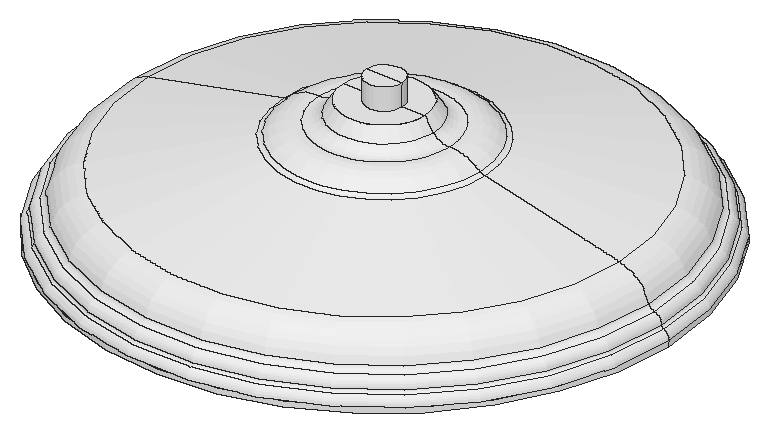
Revit family "Showerhead-DXV-Traditional-D35700108_Series", category Plumbing Fixtures, Revit 2014
Parameters (values of type "D35700108.100")
  Width = 8"  # constant formula
  Waste Connection = no
  Warranty Documentation Link = "https://www.dxv.com/-/media/files/dxv/warranty/dxv_warranty_booklet.ashx"
  WFU = 4  # constant formula
  Vent Connection = no
  URL = "www.dxv.com"
  Tempered Water Connection Radius = Tempered Water Connection Diameter / 2  # 1/4"
  Tempered Water Connection Diameter = 1/2"  # constant formula
  Tempered Water Connection = yes
  Revised Date = "03/10/2017"  # constant formula
  Product Page URL = "https://www.dxv.com/product/traditional-8-inch-rain-can-showerhead-by-dxv"
  Product Documentation Link = "https://dxv01.blob.core.windows.net/dxv-product-pdf-files/spec_D35700108_DXV_Traditional_8in_shwhead_EN.pdf"
  Price = "Prices may vary. Please consult Manufacturer Representative for most up-to-date price list."  # constant formula
  Model = "D35700108.100"
  Material = "Brass-DXV-100-Polished Chrome"
  Manufacturer = "DXV"  # constant formula
  Length = 10"  # constant formula
  Installation Type = "Ceiling Mounted"  # constant formula
  Height = 2"
  HWFU = 3  # constant formula
  HW Connection = yes
  Flow Rate = "2.0 GPM (7.6 L/min)"  # constant formula
  Finish = Brass-DXV-100-Polished Chrome
  Description = "Traditional 10” Rain Showerhead"  # constant formula
  Default Elevation = 0"
  Creation Date = "17/2/2014"  # constant formula
  CalGreen Compliant = yes
  CWFU = 3  # constant formula
  CW Connection = yes
  Assembly Code = "D2010710"
Types (6): name | Model | Material | Height | Finish
  (no name) | "D35700108.100" | "Brass-DXV-100-Polished Chrome" | 2" | Brass-DXV-100-Polished Chrome
  D35700108.100 | "D35700108.100" | "Brass-DXV-100-Polished Chrome" | 2" | Brass-DXV-100-Polished Chrome
  D35700108.144 | "D35700108.144" | "Brass-DXV-144-Brushed Nickel" | 2 3/4" | Brass-DXV-144-Brushed Nickel
  D35700108.150 | "D35700108.150" | "Brass-DXV-150-Platinum Nickel" | 2 3/4" | Brass-DXV-150-Platinum Nickel
  D35700108.427 | "D35700108.427" | "Brass-DXV-427-Satin Brass" | 2 3/4" | Brass-DXV-427-Satin Brass
  D35700108.110 | "D35700108.110" | "Brass-DXV-110-Carbon Bronze" | 2 3/4" | Brass-DXV-110-Carbon Bronze
Reference planes (in)
  plane 1 "Center (Front/Back)": y = 0
  plane 2: z = 0
  plane 3 "Center (Left/Right)": x = 0
  plane 4: x = 0.25
  plane 5: x = -0.25
  plane 6: y = -5
  plane 7: y = 5
  plane 8: x = -4
  plane 9: x = 4
  plane 10: z = -2
Forms (in)
  Revolve 1, solid, material "Brass-DXV-100-Polished Chrome" <- "Finish"
    sketch origin (0, 0, -2.75) x (1, 0, 0) y (0, 0, 1)
      loop
        line (0, 0.75) -> (0, 2.75) -> (-0.25, 2.75) -> (-0.25, 2.4514) -> (-0.57184, 2.4514) -> (-0.69041, 2.28273)
        arc (-0.69041, 2.28273) -> (-0.78846, 2.20031) -> (-0.91445, 2.17727) r 0.25
        arc (-0.91445, 2.17727) -> (-1.14544, 2.14536) -> (-1.34198, 2.01988) r 0.54534
        arc (-1.34198, 2.01988) -> (-1.37201, 1.99748) -> (-1.40715, 1.98445) r 0.13162
        line (-1.40715, 1.98445) -> (-3.30745, 1.57485)
        arc (-3.30745, 1.57485) -> (-3.56569, 1.43925) -> (-3.71683, 1.18978) r 0.54428
        arc (-3.71683, 1.18978) -> (-3.74416, 1.14349) -> (-3.79086, 1.11687) r 0.10464
        arc (-3.79086, 1.11687) -> (-3.86389, 1.06935) -> (-3.8943, 0.98769) r 0.13906
        arc (-3.8943, 0.98769) -> (-3.90255, 0.96007) -> (-3.92314, 0.9399) r 0.05768
        arc (-3.92314, 0.9399) -> (-3.97603, 0.88956) -> (-4, 0.82058) r 0.15496
        line (-4, 0.82058) -> (-4, 0.75) -> (0, 0.75)
      axis (0, 0.75) -> (0, 2.75)
    angle from 0 to 360
Lines and regions (in)
  Masking region 1
    outline origin (0, 0, 0) x (1, 0, 0) y (0, 1, 0)
      loop
        circle (0, 0) r 4
  symbolic lines, style "PlumbingFixtures", detail levels fine
    curve 1: circle (0, 0, 0) r 0.25 normal (0, 0, 1)
Dimensions and locks (in)
  "Length": plane 6 to plane 7
  equal spacing: plane 9, plane 3 "Center (Left/Right)", plane 8
  "Width": plane 9 to plane 8
  "Height": level to plane 10
  locked: level to Revolve 1 sketch curve at 0.2986
  aligned and locked: level to Revolve 1 sketch curve
  aligned and locked: plane 3 "Center (Left/Right)" to Revolve 1 sketch curve
  aligned and locked: Revolve 1 sketch curve to plane 10
Automatic sketch dimensions
  curve 1 to plane 3 "Center (Left/Right)" = 0"
  plane 1 "Center (Front/Back)" to Masking region 1 sketch curve = 0"
  Masking region 1 sketch curve to plane 3 "Center (Left/Right)" = 0"
  plane 1 "Center (Front/Back)" to curve 1 = 0"
  Revolve 1 sketch curve to plane 8 = 0"
  plane 5 to Revolve 1 sketch curve = 0"
  Revolve 1 sketch curve to plane 3 "Center (Left/Right)" = 0"
  plane 8 to Revolve 1 sketch curve = 0.04806"
  plane 10 to Revolve 1 sketch curve = 0.05564"
  plane 8 to Revolve 1 sketch curve = 0.15424"
  plane 8 to Revolve 1 sketch curve = 0.18242"
  Revolve 1 sketch curve to Revolve 1 sketch curve = 0.1966"
  Revolve 1 sketch curve to Revolve 1 sketch curve = 0.51013"
  Revolve 1 sketch curve to Revolve 1 sketch curve = 0.11468"
  plane 5 to Revolve 1 sketch curve = 1.18488"
  Revolve 1 sketch curve to level = 0.76555"
  Revolve 1 sketch curve to Revolve 1 sketch curve = 0.02773"
  Revolve 1 sketch curve to Revolve 1 sketch curve = 0.45011"
  Revolve 1 sketch curve to Revolve 1 sketch curve = 0.53995"
  Revolve 1 sketch curve to Revolve 1 sketch curve = 0.20452"
  Revolve 1 sketch curve to Revolve 1 sketch curve = 0.11857"
  Revolve 1 sketch curve to Revolve 1 sketch curve = 0.17679"
  Revolve 1 sketch curve to Revolve 1 sketch curve = 0.00745"
  plane 10 to Revolve 1 sketch curve = 0.29279"
  Revolve 1 sketch curve to Revolve 1 sketch curve = 0.23561"
  Revolve 1 sketch curve to Revolve 1 sketch curve = 0.53206"
  Revolve 1 sketch curve to Revolve 1 sketch curve = 0.35086"
  Revolve 1 sketch curve to Revolve 1 sketch curve = 0.12866"
  Revolve 1 sketch curve to Revolve 1 sketch curve = 0.16868"
  Revolve 1 sketch curve to Revolve 1 sketch curve = 0.14377"
  Revolve 1 sketch curve to Revolve 1 sketch curve = 0.0288"
  Revolve 1 sketch curve to Revolve 1 sketch curve = 0"  (x4)
  Revolve 1 sketch curve to Revolve 1 sketch curve = 4.16735"
  Revolve 1 sketch curve to Revolve 1 sketch curve = 1.33265"
  radius of curve 1 = 1/4"
  radius of Masking region 1 sketch curve = 4"
Connectors (in)
  piping at (0, 0, 0), diameter 0.5, driven by "Tempered Water Connection Diameter"
    settings: on Revolve 1, index 1, connector inside diameter 24", connector length 0", flow factor 0, pipe flow 0 GPM, pressure drop 0.00 psi, fitting loss kfactor 0, connector angle 0.00°, fixture units 0, engagement length 0", angle of deflection 0.00°, flow configuration 0, flow direction 1, fitting loss method 0, system type 29, joint type 0, gender type 0, connector reference index -1, connector utility 0, adjustable connector no, is connector primary yes, connector description "1/2\" NPT Supply Inlet"
